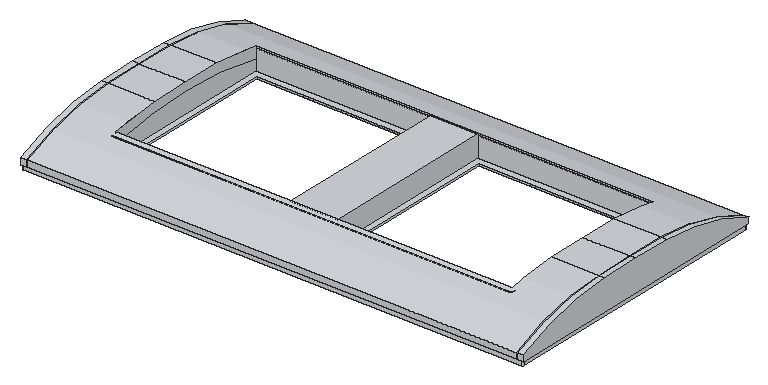
Revit family "Gira_0212806", category Electrical Fixtures, host Face, Revit 2017
Family settings
  Host = Face
  Maintain Annotation Orientation = No
  Round Connector Dimension = Use Diameter
  Part Type = Normal
  Cut with Voids When Loaded = No
  Shared = No
  Room Calculation Point = No
Parameters (values of type "Cov.fr. 2-g interm.fr. CAl Gira Event p.white")
  With mounting grid = "No"
  With hinged lid = "No"
  URL = "http://katalog.gira.de/en/datenblatt.html?artikelnr=0212806"
  Type of fastening = "Clamp mounting"
  Transparent = "No"
  Surface protection = "Other"
  Suitable for wall duct = "No"
  Suitable for flush-mounted installation = "Yes"
  Suitable for floor box = "No"
  Suitable for built-in installation = "No"
  Number of units vertical = "2"
  Number of units horizontal = "2"
  Number of units = "2"
  Name = "Cov.fr. 2-g interm.fr. CAl Gira Event p.white"
  Mounting direction = "Horizontal and vertical"
  Material quality = "Thermoplastic"
  Material = "Plastic"
  Manufacturer URL = "https://www.gira.de/"
  Manufacturer = "Gira"
  Label space/information surface = "No"
  Keynote = ""
  HeinzeBIM = "https://bimportal.heinze.de/bim/cov-fr-2-g-interm-fr-cal-gira-event-p-white/bc99353ef4dc58ac6c9ba2d26a9632c59facbea3"
  Halogen free = "Yes"
  HAN = "0212806"
  GTIN = "4010337070078"
  Description = "Cov.fr.2g i.fr.CAl Event PW,Gira Event frames,pure white glossy with colour aluminium intermediate frame,2-gang,Features:,- Shatter-proof."
  Degree of protection (IP) = "IP20"
  Default Elevation = 1219.2 mm
  Data sheet (1) = "https://katalog.gira.de/en/download.html?artikelnr=0212806"
  Colour = "White"
  Category = "Cover frame for domestic switching devices"
  BIM (1) = "https://media.stage.bim.site/public/gira/36a6b08/Event_Rahmen_2fach.rfa"
  Available = "No"
Reference planes
  plane 1 "Center (Front/Back)": y = 0
  plane 2: z = 0
  plane 3 "Center (Left/Right)": x = 0
Forms (mm)
  Extrusion 1, solid, detail levels fine
    sketch origin (0, 0, 0.05) x (0, 1, 0) y (0, 0, 1)
      loop
        arc (12.445, 9.683) -> (6.223, 9.833) -> (0, 9.85) r 291.636
        arc (0, 9.85) -> (-6.223, 9.833) -> (-12.445, 9.683) r 291.636
        arc (-12.445, 9.683) -> (-29.14, 7.482) -> (-45, 1.823) r 79.728
        line (-45, 1.823) -> (-45, -0.05) -> (-42.086, -0.05)
        arc (-42.086, -0.05) -> (-21.385, 5.559) -> (0, 7.206) r 114.424
        arc (0, 7.206) -> (21.385, 5.559) -> (42.086, -0.05) r 114.424
        line (42.086, -0.05) -> (45, -0.05) -> (45, 1.823)
        arc (45, 1.823) -> (29.14, 7.482) -> (12.445, 9.683) r 79.728
    from -78.55 to 78.55
  Extrusion 2, void, detail levels fine
    sketch origin (0, 0, 0) x (1, 0, 0) y (0, 1, 0)
      loop
        line (-63.55, -27.937) -> (63.55, -27.937) -> (63.55, 28.063) -> (-63.55, 28.063) -> (-63.55, -27.937)
    from 0.724 to 11
  Extrusion 3, solid, detail levels coarse
    sketch origin (0, 0, 0) x (1, 0, 0) y (0, 1, 0)
      loop
        line (-80.55, 45) -> (-80.55, -45) -> (80.55, -45) -> (80.55, 45) -> (-80.55, 45)
    from -1.5 to 9.9
  Extrusion 4, solid, detail levels medium
    sketch origin (0, 0, 0.05) x (0, 1, 0) y (0, 0, 1)
      loop
        arc (12.445, 9.683) -> (6.223, 9.833) -> (0, 9.85) r 291.636
        arc (0, 9.85) -> (-6.223, 9.833) -> (-12.445, 9.683) r 291.636
        arc (-12.445, 9.683) -> (-29.14, 7.482) -> (-45, 1.823) r 79.728
        line (-45, 1.823) -> (-45, -0.05) -> (45, -0.05) -> (45, 1.823)
        arc (45, 1.823) -> (29.14, 7.482) -> (12.445, 9.683) r 79.728
    from -80.55 to 80.55
  Extrusion 5, solid, detail levels fine
    sketch origin (-35.55, 0, -1.5) x (0, 1, 0) y (0, 0, -1)
      loop
        line (45, -3.373) -> (45, -1.5) -> (-45, -1.5) -> (-45, -3.373)
        arc (-45, -3.373) -> (-29.14, -9.032) -> (-12.445, -11.233) r 79.728
        arc (-12.445, -11.233) -> (-6.223, -11.383) -> (0, -11.4) r 291.636
        arc (0, -11.4) -> (6.223, -11.383) -> (12.445, -11.233) r 291.636
        arc (12.445, -11.233) -> (29.14, -9.032) -> (45, -3.373) r 79.728
    from 43 to 45
  Extrusion 6, solid, detail levels fine
    sketch origin (0, 0, 0) x (1, 0, 0) y (0, 1, 0)
      loop
        line (-61.45, 25.7) -> (-61.45, -25.7) -> (-9.65, -25.7) -> (-9.65, 25.7) -> (-61.45, 25.7)
      loop
        line (61.45, -25.7) -> (61.45, 25.7) -> (9.65, 25.7) -> (9.65, -25.7) -> (61.45, -25.7)
      loop
        line (-64.445, 28.49) -> (-64.445, -28.495)
        spline (-64.445, -28.495) -> (-64.436, -28.625) -> (-64.411, -28.754) -> (-64.369, -28.878) -> (-64.311, -28.995) -> (-64.238, -29.104) -> (-64.152, -29.202) -> (-64.054, -29.288) -> (-63.945, -29.361) -> (-63.828, -29.419) -> (-63.704, -29.461) -> (-63.575, -29.486) -> (-63.445, -29.495)
        line (-63.445, -29.495) -> (63.445, -29.495)
        spline (63.445, -29.495) -> (63.575, -29.486) -> (63.704, -29.461) -> (63.828, -29.419) -> (63.945, -29.361) -> (64.054, -29.288) -> (64.152, -29.202) -> (64.238, -29.104) -> (64.311, -28.995) -> (64.369, -28.878) -> (64.411, -28.754) -> (64.436, -28.625) -> (64.445, -28.495)
        line (64.445, -28.495) -> (64.445, 28.49)
        spline (64.445, 28.49) -> (64.436, 28.62) -> (64.411, 28.748) -> (64.369, 28.872) -> (64.311, 28.99) -> (64.238, 29.098) -> (64.152, 29.197) -> (64.054, 29.283) -> (63.945, 29.356) -> (63.828, 29.413) -> (63.704, 29.456) -> (63.575, 29.481) -> (63.445, 29.49)
        line (63.445, 29.49) -> (-63.445, 29.49)
        spline (-63.445, 29.49) -> (-63.575, 29.481) -> (-63.704, 29.456) -> (-63.828, 29.413) -> (-63.945, 29.356) -> (-64.054, 29.283) -> (-64.152, 29.197) -> (-64.238, 29.098) -> (-64.311, 28.99) -> (-64.369, 28.872) -> (-64.411, 28.748) -> (-64.436, 28.62) -> (-64.445, 28.49)
    from 0.1 to 7.3
  Extrusion 7, solid
    sketch origin (0, 0, 0) x (1, 0, 0) y (0, 1, 0)
      loop
        arc (-80.25, -44.2) -> (-80.104, -44.554) -> (-79.75, -44.7) r 0.5
        line (-79.75, -44.7) -> (79.75, -44.7)
        arc (79.75, -44.7) -> (80.104, -44.554) -> (80.25, -44.2) r 0.5
        line (80.25, -44.2) -> (80.25, 44.2)
        arc (80.25, 44.2) -> (80.104, 44.554) -> (79.75, 44.7) r 0.5
        line (79.75, 44.7) -> (-79.75, 44.7)
        arc (-79.75, 44.7) -> (-80.104, 44.554) -> (-80.25, 44.2) r 0.5
        line (-80.25, 44.2) -> (-80.25, -44.2)
      loop
        line (-78.55, 43) -> (-78.55, -43) -> (78.55, -43) -> (78.55, 43) -> (-78.55, 43)
    from -1.5 to 0.5
  Extrusion 8, solid, detail levels fine
    sketch origin (35.55, 0, -1.5) x (0, 1, 0) y (0, 0, 1)
      loop
        arc (45, 3.373) -> (29.14, 9.032) -> (12.445, 11.233) r 79.728
        arc (12.445, 11.233) -> (6.223, 11.383) -> (0, 11.4) r 291.636
        arc (0, 11.4) -> (-6.223, 11.383) -> (-12.445, 11.233) r 291.636
        arc (-12.445, 11.233) -> (-29.14, 9.032) -> (-45, 3.373) r 79.728
        line (-45, 3.373) -> (-45, 1.5) -> (45, 1.5) -> (45, 3.373)
    from 43 to 45
  Extrusion 9, solid, detail levels medium
    sketch origin (0, 0, 0) x (1, 0, 0) y (0, 1, 0)
      loop
        line (-80.25, -44.7) -> (80.25, -44.7) -> (80.25, 44.7) -> (-80.25, 44.7) -> (-80.25, -44.7)
    from -1.5 to 0.5
  Extrusion 10, solid, detail levels fine
    sketch origin (0, 0, 0) x (1, 0, 0) y (0, 1, 0)
      loop
        line (-7.55, 28.063) -> (-7.55, -27.937) -> (7.55, -27.937) -> (7.55, 28.063) -> (-7.55, 28.063)
    from 0.724 to 7.566
Cuts and joins
  Extrusion 2 cuts Extrusion 1
  Extrusion 2 cuts Extrusion 6
Dimensions and locks
  aligned and locked: plane 2 to host face
  aligned and locked: level to host face
